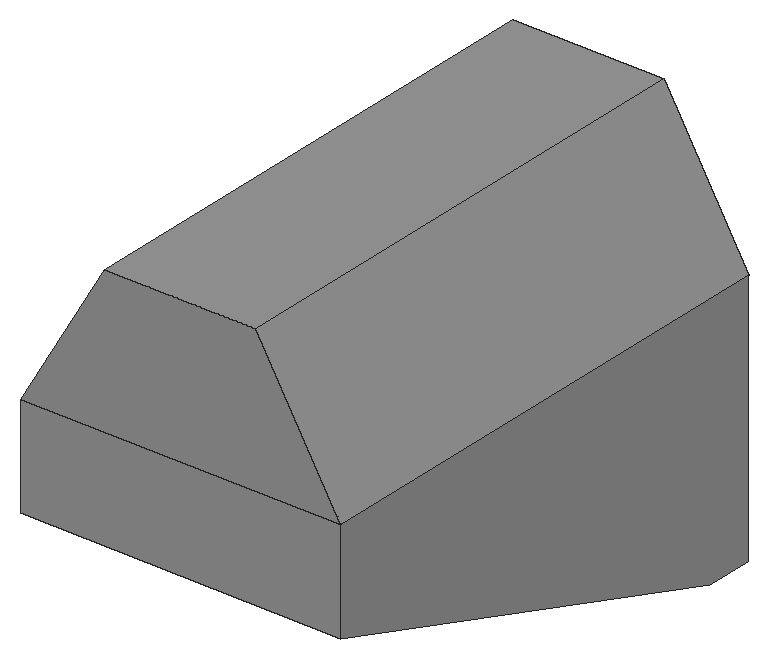
Revit family "НЕВАТОМ_Кожух защиты электродвигателя ВР 280-46 (Исп. 1), Версия 1", category Оборудование, Revit 2017
Family settings
  Размер круглого соединителя = Использовать диаметр
  Тип детали = Нормальный
  На основе рабочей плоскости = Нет
  Всегда вертикально = Да
  При загрузке вырезать с полостями = Нет
  Общий = Нет
  Точка расчета площади = Нет
Parameters (values of type "Кожух защиты электродвигателя ВР-280-46 (Исполнение 1)")
  Материал = Сталь оцинкованная
  Кожух = "НЕВАТОМ_Кожух защиты электродвигателя ВР 280-46, Исполнение 1"  # constant formula
  Исполнение = "Исполнение 1"  # constant formula
  t = 1 mm
  VR = 2
  T2 = A - 2 mm  # 96 mm
  T1 = B - 2 mm  # 206 mm
  Ln = L - 2 mm  # 328 mm
  Lm = size_lookup(Кожух, "Lm", 31 mm, VR)  # 31 mm
  L = size_lookup(Кожух, "L", 305 mm, VR)  # 330 mm
  Hm = size_lookup(Кожух, "Hm", -94 mm, VR)  # -94.86 mm
  H = size_lookup(Кожух, "H", 215 mm, VR)  # 100 mm
  B = size_lookup(Кожух, "b", 179 mm, VR)  # 208 mm
  ADSK_Примечание = ""
  ADSK_Позиция = ""
  ADSK_Обозначение = ""
  ADSK_Наименование = size_lookup(Кожух, "", "Кожух защиты электродвигателя ВР-280-46-2.5", VR)  # "Кожух защиты электродвигателя ВР-280-46-2.0 (Исп. 1)"
  ADSK_Масса = 0
  ADSK_Марка = ""
  ADSK_Код изделия = ""
  ADSK_Завод-изготовитель = "НЕВАТОМ"
  ADSK_Единица измерения = "шт."
  A = 98 mm
Reference planes
  plane 1 "По центру (Вперед/Назад)": y = 0
  plane 2: z = 0
  plane 3 "По центру (Влево/Вправо)": x = 0
  plane 4: y = 165
  plane 5: x = -49
  plane 6: x = 49
  plane 7: y = -165
  plane 8: x = 104
  plane 9: x = -104
  plane 10: y = 165
  plane 11: y = -165
Forms (mm)
  Blend 1, solid, material "Сталь оцинкованная" <- "Материал"
    base sketch origin (0, 0, 0) x (1, 0, 0) y (0, 1, 0)
      loop
        line (-49, -165) -> (49, -165) -> (49, 165) -> (-49, 165) -> (-49, -165)
    top sketch origin (0, 0, 0) x (1, 0, 0) y (0, 1, 0)
      loop
        line (104, -165) -> (104, 165) -> (-104, 165) -> (-104, -165) -> (104, -165)
    from 0 to -94.86 <- "Hm"
  Extrusion 2, solid, material "Сталь оцинкованная" <- "Материал"
    sketch origin (0, 0, 0) x (0, 1, 0) y (0, 0, 1)
      loop
        line (165, -94.86) -> (-165, -94.86) -> (-165, -160.72) -> (134, -260.72) -> (165, -260.72) -> (165, -94.86)
    from -104 to 104
Dimensions and locks
  equal spacing: plane 5, plane 3 "По центру (Влево/Вправо)", plane 6
  "A": plane 5 to plane 6
  equal spacing: plane 4, plane 1 "По центру (Вперед/Назад)", plane 7
  "L": plane 4 to plane 7
  equal spacing: plane 9, plane 3 "По центру (Влево/Вправо)", plane 8
  "B": plane 9 to plane 8
  equal spacing: plane 10, plane 1 "По центру (Вперед/Назад)", plane 11
  "L": plane 10 to plane 11
  Blend 1 to Blend 1 = 55 mm  (x2)
  Blend 1 to Blend 1 = 94.86 mm
  aligned and locked: level to plane 2
  aligned and locked: plane 7 to Blend 1 sketch curve
  aligned and locked: plane 4 to Blend 1 sketch curve
  aligned and locked: plane 6 to Blend 1 sketch curve
  aligned and locked: Blend 1 sketch curve to plane 5
  aligned and locked: plane 10 to Blend 1 sketch curve
  aligned and locked: plane 8 to Blend 1 sketch curve
  aligned and locked: plane 9 to Blend 1 sketch curve
  aligned and locked: plane 11 to Blend 1 sketch curve
  aligned and locked: Extrusion 2 to Blend 1  (x4)
  aligned and locked: Blend 1 to Extrusion 2
Automatic sketch dimensions
  Extrusion 2 sketch curve to Extrusion 2 sketch curve = 31 mm
  Extrusion 2 sketch curve to level = 94.86 mm
  plane 1 "По центру (Вперед/Назад)" to Extrusion 2 sketch curve = 165 mm
  Extrusion 2 sketch curve to plane 1 "По центру (Вперед/Назад)" = 134 mm
  Extrusion 2 sketch curve to Extrusion 2 sketch curve = 65.86 mm
  Extrusion 2 sketch curve to Extrusion 2 sketch curve = 165.86 mm
